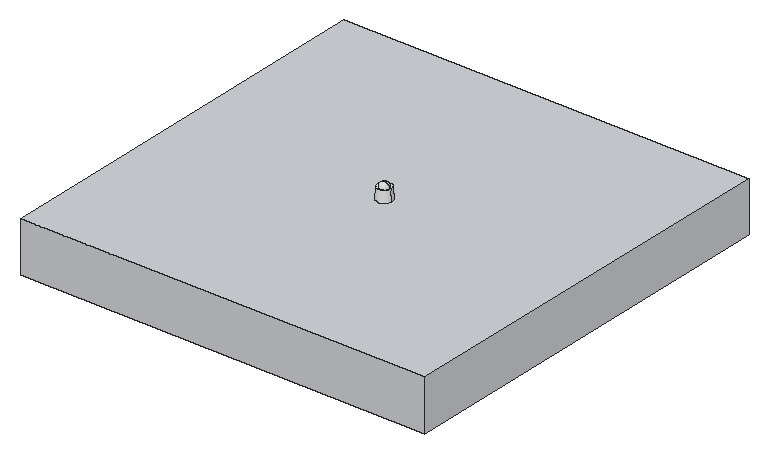
Revit family "Legrand_Lighting_Management_Standalone_Motion_Sensor_360D_Waterproof_White_Ceiling", category Dispositifs d'éclairage, Revit 2020
Family settings
  Hôte = Face
  Conserver l'orientation des annotations = Non
  Cote de connecteur circulaire = Utiliser le diamètre
  Type d'élément = Normal
  Couper avec des vides une fois chargée = Non
  Partagée = Non
  Point de calcul de pièce = Non
Parameters
  Ø Area in plan [instance] = 6000 mm
  Voltage type = "AC"
  URL = "http://www.legrandoc.com/069780"
  Temperature (MIN) (°C) = 0
  Temperature (MAX) (°C) = 55
  Suitable for wireless transmission = "no"
  Substation input = "no"
  Response value sensitivity adjustable = "yes"
  Response value luminosity adjustable = "yes"
  Response value luminosity (MIN) (lx) = 10
  Response value luminosity (MAX) (lx) = 4000
  Remote operation = "no"
  RAL-number (akin) = "9016"
  Product ID = "069780"
  Nominal voltage (V) = "230"
  Mounting method = "Surface mounted (plaster)"
  Model = "Movement sensor"
  Min. switch-on time (s) = "12"
  Maximum mounting height (m) = "4"
  Max. switching power (W) = 1000
  Max. starting current (A) = "8.5"
  Max. duty cycle (mn) = "16"
  Label [instance] = no
  Indication distance [instance] = Ø Area in plan / 1000  # 6 mm
  Image du type = PH3.jpg
  HVAC-control = "no"
  General Conditions of Use = "https://export.legrand.com/en/terms-of-use-BIM-objects"
  Frequency (MIN) (Hz) = 50
  Frequency (MAX) (Hz) = 60
  Forced switch off = "no"
  Fabricant = "LEGRAND"
  Default Elevation = 0 mm
  ETIM-5.0 Class = "EC000133"
  Dim function with dimmer basic element = "no"
  Detection zone [instance] = no
  Detection angle horizontal (MIN) (°) = 0
  Detection angle horizontal (MAX) (°) = 360
  Description = "PIR WATERPROOF MOTION SENSOR 360 DEGREES WHITE PLEXO"
  Degree of protection (IP) = "IP55"
  Constant light control = "yes"
  Colour = "White"
  Code d'assemblage = "D5010200"
  Alarm function = "no"
Reference planes
  plane 1 "Centre (avant/arrière)": y = 0
  plane 2: z = 0
  plane 3 "Centre (gauche/droite)": x = 0
Forms (mm)
  Extrusion 1, solid
    sketch origin (0, 0, 0) x (1, 0, 0) y (0, 1, 0)
      loop
        line (-1219.2, 1219.2) -> (-1219.2, -1219.2) -> (1219.2, -1219.2) -> (1219.2, 1219.2) -> (-1219.2, 1219.2)
    from 0 to -304.8
Dimensions and locks
  aligned and locked: plane 2 to Extrusion 1
  aligned and locked: level to Extrusion 1
  aligned and locked: nested 1 to plane 3 "Centre (gauche/droite)"
  aligned and locked: nested 1 to plane 1 "Centre (avant/arrière)"
  aligned and locked: nested 2 to plane 2
  aligned and locked: plane 3 "Centre (gauche/droite)" to nested 2
  aligned and locked: plane 1 "Centre (avant/arrière)" to nested 2
Nested families
  nested 1: "Zone Plafond" at (0, 0, 0), visible <- "Detection zone", Ø zone en plan <- "Ø Area in plan", type "Zone Plafond"
    with Ø zone en plan 6000 mm, Ø Interieur 4000 mm
  nested 2: "048898" at (0, 0, 0), type "048898"
  nested 3: "Symbole B" at (0, 0, 0), type "Symbole B"
  nested 4: "Detection 360° 8x6m EN" at (0, 187.067, 0), visible <- "Label", Indication distance <- "Indication distance", type "Detection 360° 8x6m EN"
    with Indication distance 6 mm
Connectors
  electrical at (0, 0, 0)
    settings: on nested 2, index 1, voltage 230 V, apparent load 0 VA, apparent load phase1 0 VA, apparent load phase2 0 VA, apparent load phase3 0 VA, power factor 1, load classification "Autre", number of poles 1, system type 31, power factor state 1, is connector primary yes, connector utility no, sub classification motor no, connector description ""
Definition of nested family "048898"
  Parameters (values of type "048898")
    Default Elevation = 0 mm
  Reference planes
    plane 1 "Centre (avant/arrière)": y = 0
    plane 2: z = 0
    plane 3 "Centre (gauche/droite)": x = 0
  Forms (mm)
    Revolve 1, solid
      sketch origin (0, 0, 0) x (-1, 0, 0) y (0, 0, -1)
        loop
          line (0, 0) -> (0, -65.2) -> (41, -65.2)
          arc (41, -65.2) -> (43.378, -32.633) -> (44.526, 0) r 865.317
          line (44.526, 0) -> (0, 0)
        axis (0, 0) -> (0, -65.2)
      angle from 0 to 360
    Revolve 2, solid
      sketch origin (0, 0, 0) x (-1, 0, 0) y (0, 0, -1)
        loop
          arc (0, -91.691) -> (18.988, -83.722) -> (27.988, -65.2) r 29.184
          line (27.988, -65.2) -> (0, -65.2) -> (0, -91.691)
        axis (0, -65.2) -> (0, -91.691)
      angle from 0 to 360
  Dimensions and locks
    aligned and locked: level to plane 2
Definition of nested family "Zone Plafond"
  Parameters (values of type "Zone Plafond")
    Ø zone en plan [instance] = 4000 mm
    Ø Interieur [instance] = Ø zone en plan / 1.5  # 2666.667 mm
  Reference planes
    plane 1 "Centre (avant/arrière)": y = 0
    plane 2: z = 0
    plane 3 "Centre (gauche/droite)": x = 0
  Lines and regions (mm)
    detail lines, in view "Niveau de réf."
      curve 1: circle (0, 0, 0) r 2000 normal (0, 0, 1)
  Dimensions and locks
    "Ø zone en plan": diameter of curve 1
    aligned and locked: plane 3 "Centre (gauche/droite)" to curve 1
    aligned and locked: plane 1 "Centre (avant/arrière)" to curve 1
Definition of nested family "Symbole B"
  Reference planes
    plane 1: y = 0
    plane 2: x = 0
  Lines and regions (mm)
    detail lines
      curve 1: circle (0, 0, 0) r 0.928 normal (0, 0, 1)
      curve 2: circle (0, 0, 0) r 0.586 normal (0, 0, 1)
      curve 3: spline (-1.335, -1.994, 0) -> (-1.233, -1.818, 0) -> (-1.159, -1.651, 0) -> (-1.116, -1.498, 0) -> (-1.105, -1.365, 0) -> (-1.126, -1.255, 0) -> (-1.179, -1.172, 0) -> (-1.261, -1.119, 0) -> (-1.371, -1.098, 0) -> (-1.505, -1.11, 0) -> (-1.657, -1.153, 0) -> (-1.825, -1.227, 0) -> (-2.001, -1.329, 0)
      curve 4: spline (-1.074, -1.746, 0) -> (-0.972, -1.57, 0) -> (-0.898, -1.403, 0) -> (-0.855, -1.25, 0) -> (-0.844, -1.116, 0) -> (-0.865, -1.006, 0) -> (-0.917, -0.924, 0) -> (-1, -0.871, 0) -> (-1.11, -0.85, 0) -> (-1.244, -0.861, 0) -> (-1.396, -0.905, 0) -> (-1.564, -0.978, 0) -> (-1.74, -1.08, 0)
      curve 5: spline (1.335, -1.994, 0) -> (1.233, -1.818, 0) -> (1.159, -1.651, 0) -> (1.116, -1.498, 0) -> (1.105, -1.365, 0) -> (1.126, -1.255, 0) -> (1.179, -1.172, 0) -> (1.261, -1.119, 0) -> (1.371, -1.098, 0) -> (1.505, -1.11, 0) -> (1.657, -1.153, 0) -> (1.825, -1.227, 0) -> (2.001, -1.329, 0)
      curve 6: spline (1.074, -1.746, 0) -> (0.972, -1.57, 0) -> (0.898, -1.403, 0) -> (0.855, -1.25, 0) -> (0.844, -1.116, 0) -> (0.865, -1.006, 0) -> (0.917, -0.924, 0) -> (1, -0.871, 0) -> (1.11, -0.85, 0) -> (1.244, -0.861, 0) -> (1.396, -0.905, 0) -> (1.564, -0.978, 0) -> (1.74, -1.08, 0)
  Text (mm)
    text "IR" at (-0.268, -1.959, 0)
Definition of nested family "Detection 360° 8x6m EN"
  Parameters (values of type "Detection 360° 8x6m EN")
    Indication distance [instance] = 0 mm
  Reference planes
    plane 1: y = 0
    plane 2: x = 0
  Text (mm)
    label "360°, 8xIndication distancem detection at 2.5m height" at (-0.885, 0.234, 0), shows "Indication distance"
